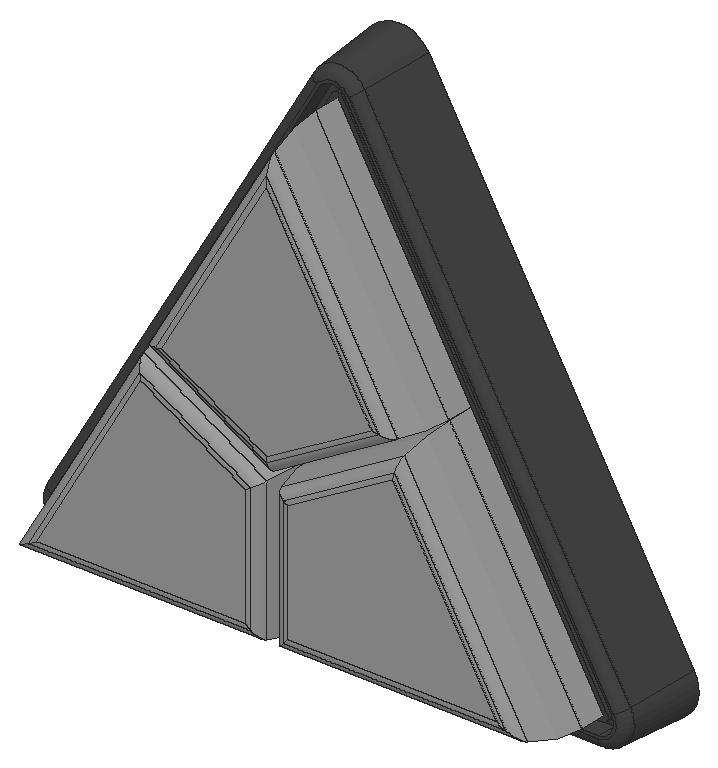
Revit family "400_ISR_GEO_slagvast_opbouw_design-armatuur", category Lighting Fixtures, Revit 2013
Parameters (values of type "GEO III")
  materiaal_rechts = ISR_polycarbonaat grijs
  materiaal_links = ISR_polycarbonaat grijs
  materiaal_boven = ISR_polycarbonaat grijs
  Wattage Comments = "9,1 Watt"
  Wattage = 8.98736 W
  built-in parameter 1150110 = 1 (stored number, unit not read)
  URL = "http://www.lightronics.nl/nl/products/item/199-geo-design.html"
  built-in parameter 1114217 = 1 (stored number, unit not read)
  Tilt Angle = 90.00°
  built-in parameter 1150109 = 1 (stored number, unit not read)
  built-in parameter 1150134 = 12
  built-in parameter 1150113 = 1 (stored number, unit not read)
  Photometric Web File = "GEO 1-LO-1-4-110-D-O-445-230-X-X.ies"
  Model = "LOD400"
  Manufacturer = "Lightronics"
  Lumens = 1335 lm
  built-in parameter 1150115 = 1 (stored number, unit not read)
  built-in parameter 1150105 = 106.24 (stored number, unit not read)
  Load Classification = Other
  built-in parameter 1150137 = (empty or 0)
  built-in parameter 1150139 = (empty or 0)
  built-in parameter 1150112 = 1 (stored number, unit not read)
  built-in parameter 1150114 = 1 (stored number, unit not read)
  Lamp = "LED"
  built-in parameter 1150132 = 2
  built-in parameter 1150102 = (empty or 0)
  built-in parameter 1150138 = (empty or 0)
  built-in parameter 1150107 = 4000 (stored number, unit not read)
  built-in parameter 1150106 = 1.0624 (stored number, unit not read)
  Emit from Circle Diameter = 609.6 mm
  Emit Shape Visible in Rendering = no
  built-in parameter 1150104 = 13.8 (stored number, unit not read)
  Dimming Lamp Color Temperature Shift = <None>
  Description = "GEO"
  Color Filter = 16777215
  built-in parameter 1114218 = 1 (stored number, unit not read)
  built-in parameter 1150133 = 10 (stored number, unit not read)
  Apparent Load = 0 VA
Types (3, lengths in mm): name | materiaal_rechts | materiaal_links | materiaal_boven | Wattage Comments | Wattage | Tilt Angle | Lumens | built-in parameter 1150105 | built-in parameter 1150106
  GEO I | ISR_polycarbonaat zwart | ISR_polycarbonaat zwart | ISR_polycarbonaat grijs | "2,6 Watt" | 2.99579 W | 90.00° | 445 lm | 35.412 (stored number, unit not read) | 0.35412 (stored number, unit not read)
  GEO II | ISR_polycarbonaat grijs | ISR_polycarbonaat grijs | ISR_polycarbonaat zwart | "6 Watt" | 5.99157 W | 0.00° | 890 lm | 70.824 (stored number, unit not read) | 0.70824 (stored number, unit not read)
  GEO III | ISR_polycarbonaat grijs | ISR_polycarbonaat grijs | ISR_polycarbonaat grijs | "9,1 Watt" | 8.98736 W | 90.00° | 1335 lm | 106.24 (stored number, unit not read) | 1.0624 (stored number, unit not read)
Reference planes
  plane 1 "Light Source Axis (F/B)": y = 0
  plane 2: z = 0
  plane 3 "Light Source Axis (L/R)": x = 0
  plane 4 "Light Source Elevation": z = 96.628
  plane 5: x = 145
  plane 6: x = -145
Forms (mm)
  Sweep 1, solid, material "ISR_polycarbonaat zwart", detail levels fine
    path origin (0, 0, 90.987) x (1, 0, 0) y (0, 0, 1)
      loop
        arc (2.382, 150.089) -> (0, 151.464) -> (-2.382, 150.089) r 2.75
        line (-2.382, 150.089) -> (-131.171, -72.982)
        arc (-131.171, -72.982) -> (-131.171, -75.732) -> (-128.79, -77.107) r 2.75
        line (-128.79, -77.107) -> (128.79, -77.107)
        arc (128.79, -77.107) -> (131.171, -75.732) -> (131.171, -72.982) r 2.75
        line (131.171, -72.982) -> (2.382, 150.089)
    profile origin (0, 0, 242.451) x (0, 0, -1) y (0, -1, 0)
      loop
        line (-11.373, 0) -> (-8.824, 32.383)
        arc (-8.824, 32.383) -> (-8.06, 33.074) -> (-7.327, 32.351) r 0.75
        line (-7.327, 32.351) -> (-7.157, 27.5) -> (0.299, 27.5) -> (1.259, 0) -> (2.748, 0) -> (2.748, 37) -> (0, 37) -> (0, 30) -> (-4.743, 30) -> (-4.743, 40) -> (-6.11, 40)
        arc (-6.11, 40) -> (-9.504, 38.672) -> (-11.095, 35.392) r 5
        line (-11.095, 35.392) -> (-13.88, 0) -> (-11.373, 0)
  Extrusion 2, solid, material "ISR_polycarbonaat zwart", detail levels fine
    sketch origin (0, 0, 90.987) x (1, 0, 0) y (0, 0, 1)
      loop
        line (-128.794, -74.359) -> (128.794, -74.359) -> (0, 148.718) -> (-128.794, -74.359)
    from 2 to 13.866
  Extrusion 3, solid, material "ISR_polycarbonaat grijs" <- "materiaal_boven", detail levels fine
    sketch origin (0, 0, 90.987) x (1, 0, 0) y (0, 0, 1)
      loop
        line (-64.397, 37.18) -> (0, 0) -> (64.397, 37.18) -> (0, 148.718) -> (-64.397, 37.18)
    from 37 to 80
  Extrusion 4, solid, material "ISR_polycarbonaat grijs" <- "materiaal_rechts", detail levels fine
    sketch origin (0, 0, 90.987) x (1, 0, 0) y (0, 0, 1)
      loop
        line (64.574, 36.873) -> (0.2, -0.293) -> (0.2, -74.359) -> (128.794, -74.359) -> (64.574, 36.873)
    from 37 to 80
  Extrusion 5, solid, material "ISR_polycarbonaat grijs" <- "materiaal_links", detail levels fine
    sketch origin (0, 0, 90.987) x (-1, 0, 0) y (0, 0, -1)
      loop
        line (64.574, -36.873) -> (128.794, 74.359) -> (0.2, 74.359) -> (0.2, 0.293) -> (64.574, -36.873)
    from 37 to 80
  Sweep 6, void
    path origin (0, -80, 90.987) x (1, 0, 0) y (0, 0, 1)
      loop
        line (0, 148.718) -> (-64.397, 37.18) -> (0, 0) -> (64.397, 37.18) -> (0, 148.718)
    profile origin (-32.198, -80, 183.936) x (0.866025, 0, -0.5) y (0, -1, 0)
      loop
        line (0, 0) -> (0, -30)
        arc (0, -30) -> (0.819, -17.223) -> (3.261, -4.655) r 100.117
        arc (3.261, -4.655) -> (4.843, -1.895) -> (7.602, -0.31) r 6.086
        arc (7.602, -0.31) -> (8.791, -0.078) -> (10, 0) r 9.436
        line (10, 0) -> (0, 0)
  Sweep 7, void
    path origin (0, -80, 90.987) x (-1, 0, 0) y (0, 0, 1)
      loop
        line (64.574, 36.873) -> (0.2, -0.293) -> (0.2, -74.359) -> (128.794, -74.359) -> (64.574, 36.873)
    profile origin (-96.684, -80, 72.244) x (0.866025, 0, -0.5) y (0, -1, 0)
      loop
        line (0, 0) -> (0, -30)
        arc (0, -30) -> (0.819, -17.223) -> (3.261, -4.655) r 100.117
        arc (3.261, -4.655) -> (4.843, -1.895) -> (7.602, -0.31) r 6.086
        arc (7.602, -0.31) -> (8.791, -0.078) -> (10, 0) r 9.436
        line (10, 0) -> (0, 0)
  Sweep 8, void
    path origin (0, -80, 90.987) x (1, 0, 0) y (0, 0, 1)
      loop
        line (128.794, -74.359) -> (64.574, 36.873) -> (0.2, -0.293) -> (0.2, -74.359) -> (128.794, -74.359)
    profile origin (0.2, -80, 53.661) x (0, -1, 0) y (1, 0, 0)
      loop
        line (0, 0) -> (0, 10)
        arc (0, 10) -> (-0.078, 8.791) -> (-0.31, 7.602) r 9.436
        arc (-0.31, 7.602) -> (-1.895, 4.843) -> (-4.655, 3.261) r 6.086
        arc (-4.655, 3.261) -> (-17.223, 0.819) -> (-30, 0) r 100.117
        line (-30, 0) -> (0, 0)
Cuts and joins
  Sweep 6 cuts Extrusion 3
  Sweep 7 cuts Extrusion 5
  Sweep 8 cuts Extrusion 4
Lines and regions (mm)
  symbolic lines, detail levels coarse+medium
    curve 1: line (-145, -20, 0) -> (-145, -170, 0)
    curve 2: line (145, -20, 0) -> (145, -170, 0)
    curve 3: line (-145, -88.571, 0) -> (-49.585, -88.571, 0)
    curve 4: line (-145, -101.429, 0) -> (-49.585, -101.429, 0)
    curve 5: line (-145, -75.714, 0) -> (-46.131, -75.714, 0)
    curve 6: line (-145, -114.286, 0) -> (-46.131, -114.286, 0)
    curve 7: circle (0, -95, 0) r 50 normal (0, 0, -1)
    curve 8: line (46.131, -75.714, 0) -> (145, -75.714, 0)
    curve 9: line (49.585, -88.571, 0) -> (145, -88.571, 0)
    curve 10: line (49.585, -101.429, 0) -> (145, -101.429, 0)
    curve 11: line (46.131, -114.286, 0) -> (145, -114.286, 0)
    curve 12: line (0, -45, 0) -> (0, 0, 0)
    curve 13: line (-50, 0, 0) -> (50, 0, 0)
Dimensions and locks
  curve 11 to curve 10 to curve 9 to curve 8 = 12.857 mm, 12.857 mm, 12.857 mm
  plane 6 to plane 5 = 290 mm
  aligned and locked: plane 3 "Light Source Axis (L/R)" to imposter light
  aligned and locked: plane 1 "Light Source Axis (F/B)" to imposter light
  aligned and locked: plane 4 "Light Source Elevation" to imposter light
  aligned and locked: plane 2 to level
  aligned and locked: curve 6 to curve 11
  aligned and locked: curve 4 to curve 10
  aligned and locked: curve 3 to curve 9
  aligned and locked: curve 5 to curve 8
  aligned and locked: curve 1 to plane 6
Connectors
  electrical at (0, -2, 90.987), driven by "Apparent Load", driven by "Load Classification"
    settings: on Extrusion 2, index 1, voltage 230 V, apparent load 0 VA, apparent load phase1 0 VA, apparent load phase2 0 VA, apparent load phase3 0 VA, power factor 1, load classification "Other", number of poles 1, system type 31, power factor state 1, is connector primary yes, connector utility no, sub classification motor no, connector description ""
